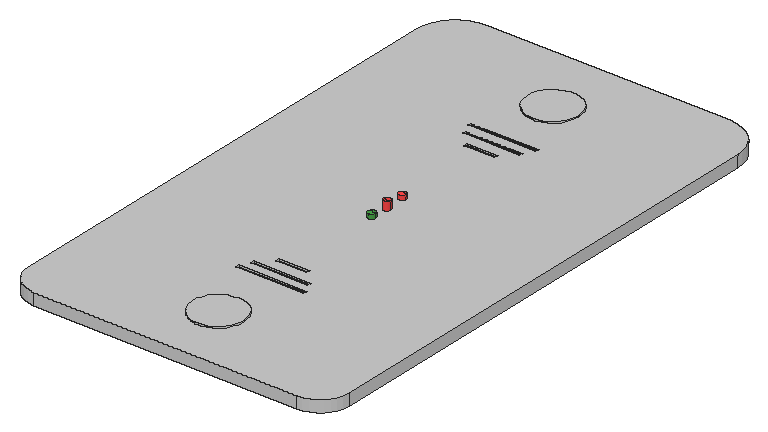
Revit family "UL924 Flush Mount Emergency Load Control Relay", category Communication Devices, host Face, Revit 2014
Parameters
  Warranty = "5-Years Warranty"  # constant formula
  Type Comments = "UL924 Flush Mount Relay"  # constant formula
  Red = Paint - Hubbell - Red
  Product Page URL = "https://www.hubbell.com/hubbellcontrolsolutions/en/Products/Lighting-Controls/Lighting-Controls-Sensors/Emergency-Lighting-Controls/UL924-Flush-Mount-Relay/p/2056433"
  Product Documentation Link = "https://hubbellcdn.com/specsheet/6004A_UL_924_Flush_Mount_Emergency_Load_Control_Relay.pdf"
  URL = "https://www.hubbell.com/hubbellcontrolsolutions/en"
  Model = "UL924EPC1-UNV"  # constant formula
  Manufacturer = "Hubbell Control Solutions"  # constant formula
  Width = 2.75"
  Green = Paint - Hubbell - Green Textured
  Features = "•20 Amp, normally closed relay\r\n•120 or 277 volt operation\r\n•UL924 Listed\r\n•LED power indicators\r\n•Integral test button\r\n•No minimum load requirement\r\n•UL94-V5A rated plastic\r\n•Five-year warranty\r\n"  # constant formula
  Height = 4.50"
  Gray = Paint - Hubbell - Gray Smooth
  Description = "Hubbell Control Solutions flush mount 20 amp emergency load control relay is specifically designed for applications that require the control of emergency light fixtures along with the general lighting in a space. This type of emergency lighting is often referred to as “always on”. The UL924EPC1-UNV connects to the line side of the control device to sense the presence of “normal” power. It also connects to the load side of the control device to provide an ON/OFF signal for control of the emergency lights along with the general lighting. When normal power is lost, control is suspended and the normally closed relay provides emergency power to the emergency fixtures"  # constant formula
  Default Elevation = 48.00"
  Create Date = "03/05/2019"
  Copyright = "Copyright © 2019 Hubbell Control Solutions"  # constant formula
  Contact Us = "https://www.hubbell.com/hubbellcontrolsolutions/en/contactUs"
  Assembly Code = "D5090"
  Application = "•Outdoor Lighting\r\n•Parking Lot\r\n•Parking Garage\r\n•Commerical\r\n•Education\r\n•Healthcare\r\n•Hospitality\r\n•Manufacturing\r\n•Retail\r\n•Warehouse"
Reference planes (in)
  plane 1 "Center (Front/Back)": y = 13.01342
  plane 2: z = 0
  plane 3 "Center (Left/Right)": x = 0
  plane 4: x = 1.38
  plane 5: x = -1.38
  plane 6: y = 15.39342
  plane 7: y = 10.63342
Forms (in)
  Extrusion 1, solid, material "Paint - Hubbell - Gray Smooth" <- "Gray"
    sketch origin (0, 0, 0) x (1, 0, 0) y (0, 1, 0)
      loop
        arc (-1.04009, 15.39342) -> (-1.28044, 15.29386) -> (-1.38, 15.05351) r 0.33991
        line (-1.38, 15.05351) -> (-1.38, 10.88342)
        arc (-1.38, 10.88342) -> (-1.30678, 10.70664) -> (-1.13, 10.63342) r 0.25
        line (-1.13, 10.63342) -> (1.13, 10.63342)
        arc (1.13, 10.63342) -> (1.30678, 10.70664) -> (1.38, 10.88342) r 0.25
        line (1.38, 10.88342) -> (1.38, 15.05445)
        arc (1.38, 15.05445) -> (1.28072, 15.29414) -> (1.04103, 15.39342) r 0.33897
        line (1.04103, 15.39342) -> (-1.04009, 15.39342)
    from 0 to 0.1
  Extrusion 2, solid
    sketch origin (0, -0.15625, 0) x (1, 0, 0) y (0, 1, 0)
      loop
        arc (0.71875, 11.70092) -> (0.89553, 11.77414) -> (0.96875, 11.95092) r 0.25
        line (0.96875, 11.95092) -> (0.96875, 14.32331)
        arc (0.96875, 14.32331) -> (0.89553, 14.50008) -> (0.71875, 14.57331) r 0.25
        line (0.71875, 14.57331) -> (-0.64604, 14.57331)
        arc (-0.64604, 14.57331) -> (-0.82281, 14.50008) -> (-0.89604, 14.32331) r 0.25
        line (-0.89604, 14.32331) -> (-0.89604, 11.95092)
        arc (-0.89604, 11.95092) -> (-0.82281, 11.77414) -> (-0.64604, 11.70092) r 0.25
        line (-0.64604, 11.70092) -> (0.71875, 11.70092)
    from -0.15 to 0
  Extrusion 3, solid, material "Paint - Hubbell - Gray Smooth" <- "Gray"
    sketch origin (0, 0, 0) x (1, 0, 0) y (0, 1, 0)
      loop
        circle (0, 14.79651) r 0.22
      loop
        circle (0, 11.19908) r 0.22
    from 0.11 to 0.1
  Extrusion 4, void
    sketch origin (0, 0, 0) x (1, 0, 0) y (0, 1, 0)
      loop
        line (-0.291, 14.27413) -> (-0.291, 14.24313) -> (0.29306, 14.24313) -> (0.29306, 14.27413) -> (-0.291, 14.27413)
      loop
        line (-0.24803, 14.16877) -> (-0.24803, 14.13777) -> (0.24228, 14.13777) -> (0.24228, 14.16877) -> (-0.24803, 14.16877)
      loop
        line (-0.13475, 14.03997) -> (-0.13475, 14.00897) -> (0.1329, 14.00897) -> (0.1329, 14.03997) -> (-0.13475, 14.03997)
      loop
        line (-0.291, 11.75271) -> (0.29306, 11.75271) -> (0.29306, 11.78371) -> (-0.291, 11.78371) -> (-0.291, 11.75271)
      loop
        line (-0.24803, 11.85807) -> (0.24228, 11.85807) -> (0.24228, 11.88907) -> (-0.24803, 11.88907) -> (-0.24803, 11.85807)
      loop
        line (-0.13475, 11.98687) -> (0.1329, 11.98687) -> (0.1329, 12.01787) -> (-0.13475, 12.01787) -> (-0.13475, 11.98687)
    from 0.09 to 0.1
  Revolve 5, solid, material "Paint - Hubbell - Red" <- "Red"
    sketch origin (0, 13.01342, 0) x (1, 0, 0) y (0, 0, 1)
      loop
        line (0, 0.09981) -> (0.031, 0.09981) -> (0.031, 0.16782) -> (0, 0.16782) -> (0, 0.09981)
      axis (0, 0.16782) -> (0, 0.09981)
    angle from 0 to 360
  Revolve 6, solid, material "Paint - Hubbell - Red" <- "Red"
    sketch origin (0, 13.17842, 0) x (1, 0, 0) y (0, 0, 1)
      loop
        line (0, 0.15531) -> (0, 0.11) -> (0.03137, 0.11) -> (0.03137, 0.1421)
        arc (0.03137, 0.1421) -> (0.01597, 0.14938) -> (0, 0.15531) r 0.19763
      axis (0, 0.15531) -> (0, 0.11)
    angle from 0 to 360
  Revolve 7, solid, material "Paint - Hubbell - Green Textured" <- "Green"
    sketch origin (0, 12.84842, 0) x (1, 0, 0) y (0, 0, -1)
      loop
        arc (0, -0.15531) -> (0.01597, -0.14938) -> (0.03137, -0.1421) r 0.19763
        line (0.03137, -0.1421) -> (0.03137, -0.11) -> (0, -0.11) -> (0, -0.15531)
      axis (0, -0.15531) -> (0, -0.11)
    angle from 0 to 360
Cuts and joins
  Extrusion 4 cuts Extrusion 1
  joined: Extrusion 1, Extrusion 3
Dimensions and locks (in)
  aligned and locked: plane 2 to host face
  aligned and locked: level to host face
Connectors (in)
  electrical at (0.00012, 12.99106, 0.1)
    settings: on cut or joined group of Extrusion 1, Extrusion 3, Extrusion 4, index 1, voltage 0 V, apparent load 0 VA, apparent load phase1 0 VA, apparent load phase2 0 VA, apparent load phase3 0 VA, power factor 1, load classification "Other", number of poles 1, system type 13, power factor state 1, is connector primary yes, connector utility no, sub classification motor no, connector description "Control Relay"
